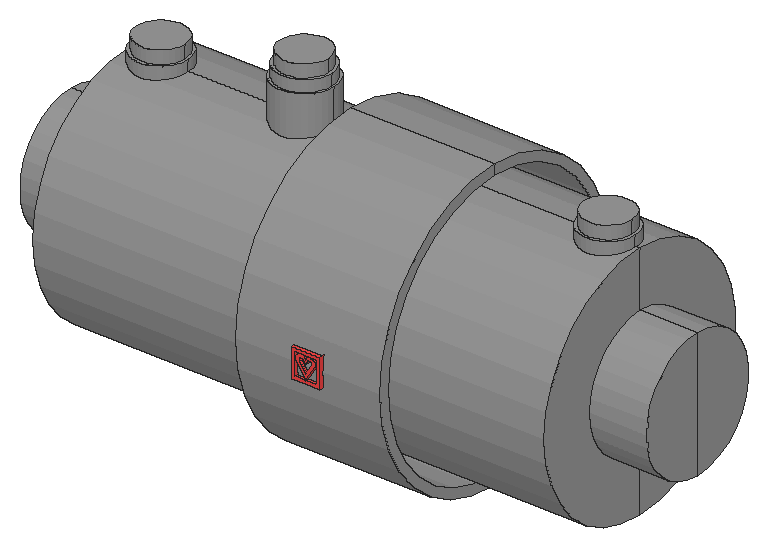
Revit family "HERZ System Separator 0307 AG-AG", category Rohrzubehör, Revit 2020
Family settings
  Bemaßung runder Anschluss = Durchmesser verwenden
  Teiletyp = Unterbricht
  OmniClass-Nummer = 23.65.55.14
  OmniClass-Titel = Valves for Liquid Services
  Arbeitsebenenbasiert = Nein
  Immer vertikal = Ja
  Beim Laden mit Abzugskörper schneiden = Nein
  Gemeinsam genutzt = Nein
Parameters (values of type "AG-AG DN40-DN40")
  Vorgabe-Ansicht = 0.000 mm
  URL = "www.herzvalves.com"
  SCTWSEQ = "AW;SBT_TYP_AW=\"104\";2"
  SCTWCODE = "04;12;02"  # constant formula
  S03 = 15.000 mm  # constant formula
  S02 = 45.000 mm  # constant formula
  S01 = 98.000 mm  # constant formula
  Nennweite Ein [instance] = if(AG_AG_DN40_DN40, 40.000 mm, if(AG_AG_DN40_DN50, 40.000 mm, if(AG_AG_DN50_DN40, 50.000 mm, if(AG_AG_DN50_DN50, 50.000 mm, 0.000 mm))))  # 40.000 mm
  Nennweite Aus [instance] = if(AG_AG_DN40_DN40, 40.000 mm, if(AG_AG_DN40_DN50, 50.000 mm, if(AG_AG_DN50_DN40, 40.000 mm, if(AG_AG_DN50_DN50, 50.000 mm, 0.000 mm))))  # 40.000 mm
  Model = "The backflow preventer has been developed in accordance with the standard DIN EN 1717.\r\nAccording to this standard, the water quality is divided up into 5 classes depending on the degree of contamination.\r\nBackflow preventers of type BA provide protection against non-drinking water up to hazard class 4.\r\nThis is the highest hazard class that may be safeguarded with a valve.\r\nSafeguarding a standpipe with a lower form of protection than a system separator of type BA per DIN EN 1717 is no longer reflective of current engineering practice and the operator is therefore liable in the event of damage with such a standpipe.\r\nThe functional unit is designed as a single-piece cartridge with large-dimension control piston and pressure surge-damped discharge valve system.\r\nThreaded connections are mutually interchangeable, whereby 16 possible connection variants exist (intake and outlet side available in 1 1/2\" inner or outer thread, alternatively in 2\" inner or outer thread)."
  Medium = "Water (without steam)"  # constant formula
  Max. permissible temperature (short-term) = 80 °C  # constant formula
  Max. operating temperature = 65 °C  # constant formula
  Max. operating pressure = 1000000.0 Pa  # constant formula
  L05 = 73.000 mm  # constant formula
  L04 = 28.000 mm  # constant formula
  L03 = 87.500 mm  # constant formula
  L02 = 18.000 mm  # constant formula
  L01 = 196.000 mm  # constant formula
  Installation position = "Horizontal or perpendicular pointing downwards"  # constant formula
  Note = "Pursuant to Article 33 of the REACH Regulation (EC No. 1907/2006), we are obliged to point out that the material lead is listed on the SVHC list and that all brass components manufactured in our products exceed 0.1% (w / w) lead (CAS: 7439-92-1 / EINECS: 231-100-4).\r\nSince lead is a component part of an alloy, actual exposure is not possible and therefore no additional information on safe use is necessary."
  Hersteller = "HERZ Armaturen Ges.m.b.H."  # constant formula
  D02 = 45.000 mm  # constant formula
  D01 = 37.500 mm  # constant formula
  Body = "stainless steel"  # constant formula
  Part number [instance] = if(AG_AG_DN40_DN40, "I030703", if(AG_AG_DN40_DN50, "I030711", if(AG_AG_DN50_DN40, "I030715", if(AG_AG_DN50_DN50, "I030707", "0"))))  # "I030703"
  Application = "The backflow preventer is an economical solution for retrofitting to standpipes that are required to have a mandatory safety valve according to DIN EN 1717 for preventing the back-suction, back-flowing or back-pressuring of non-drinking water into the drinking water line.\r\nThe backflow preventer is suitable for horizontal installation.\r\nIt can also be fitted perpendicular, although only pointing downwards.\r\nIt is not approved for installation in a riser."
  AG_AG_DN50_DN50 = no
  AG_AG_DN50_DN40 = no
  AG_AG_DN40_DN50 = no
  AG_AG_DN40_DN40 = yes
  AG Aus [instance] = Nennweite Aus / 2  # 20.000 mm
  AG Ein [instance] = Nennweite Ein / 2  # 20.000 mm
Types (5, lengths in mm): name | Nennweite Ein | Nennweite Aus | Model | Part number | AG_AG_DN50_DN50 | AG_AG_DN50_DN40 | AG_AG_DN40_DN50 | AG_AG_DN40_DN40 | AG Aus | AG Ein
  (no name) | 40.000 | 40.000 | "The backflow preventer has been developed in accordance with the standard DIN EN 1717.\r\nAccording to this standard, the water quality is divided up into 5 classes depending on the degree of contamination.\r\nBackflow preventers of type BA provide protection against non-drinking water up to hazard class 4.\r\nThis is the highest hazard class that may be safeguarded with a valve.\r\nSafeguarding a standpipe with a lower form of protection than a system separator of type BA per DIN EN 1717 is no longer reflective of current engineering practice and the operator is therefore liable in the event of damage with such a standpipe.\r\nThe functional unit is designed as a single-piece cartridge with large-dimension control piston and pressure surge-damped discharge valve system.\r\nThreaded connections are mutually interchangeable, whereby 16 possible connection variants exist (intake and outlet side available in 1 1/2\" inner or outer thread, alternatively in 2\" inner or outer thread)." | "I030703" | no | no | no | yes | 20.000 | 20.000
  AG-AG DN40-DN50 | 40.000 | 50.000 | "The backflow preventer has been developed in accordance with the standard DIN EN 1717.\r\nAccording to this standard, the water quality is divided up into 5 classes depending on the degree of contamination.\r\nBackflow preventers of type BA provide protection against non-drinking water up to hazard class 4.\r\nThis is the highest hazard class that may be safeguarded with a valve.\r\nSafeguarding a standpipe with a lower form of protection than a system separator of type BA per DIN EN 1717 is no longer reflective of current engineering practice and the operator is therefore liable in the event of damage with such a standpipe.\r\n\r\nThe functional unit is designed as a single-piece cartridge with large-dimension control piston and pressure surge-damped discharge valve system.\r\nThreaded connections are mutually interchangeable, whereby 16 possible connection variants exist (intake and outlet side available in 1 1/2\" inner or outer thread, alternatively in 2\" inner or outer thread)." | "I030711" | no | no | yes | no | 25.000 | 20.000
  AG-AG DN40-DN40 | 40.000 | 40.000 | "The backflow preventer has been developed in accordance with the standard DIN EN 1717.\r\nAccording to this standard, the water quality is divided up into 5 classes depending on the degree of contamination.\r\nBackflow preventers of type BA provide protection against non-drinking water up to hazard class 4.\r\nThis is the highest hazard class that may be safeguarded with a valve.\r\nSafeguarding a standpipe with a lower form of protection than a system separator of type BA per DIN EN 1717 is no longer reflective of current engineering practice and the operator is therefore liable in the event of damage with such a standpipe.\r\nThe functional unit is designed as a single-piece cartridge with large-dimension control piston and pressure surge-damped discharge valve system.\r\nThreaded connections are mutually interchangeable, whereby 16 possible connection variants exist (intake and outlet side available in 1 1/2\" inner or outer thread, alternatively in 2\" inner or outer thread)." | "I030703" | no | no | no | yes | 20.000 | 20.000
  AG-AG DN50-DN50 | 50.000 | 50.000 | "The backflow preventer has been developed in accordance with the standard DIN EN 1717.\r\nAccording to this standard, the water quality is divided up into 5 classes depending on the degree of contamination.\r\nBackflow preventers of type BA provide protection against non-drinking water up to hazard class 4.\r\nThis is the highest hazard class that may be safeguarded with a valve.\r\nSafeguarding a standpipe with a lower form of protection than a system separator of type BA per DIN EN 1717 is no longer reflective of current engineering practice and the operator is therefore liable in the event of damage with such a standpipe.\r\n\r\nThe functional unit is designed as a single-piece cartridge with large-dimension control piston and pressure surge-damped discharge valve system.\r\nThreaded connections are mutually interchangeable, whereby 16 possible connection variants exist (intake and outlet side available in 1 1/2\" inner or outer thread, alternatively in 2\" inner or outer thread)." | "I030707" | yes | no | no | no | 25.000 | 25.000
  AG-AG DN50-DN40 | 50.000 | 40.000 | "The backflow preventer has been developed in accordance with the standard DIN EN 1717.\r\nAccording to this standard, the water quality is divided up into 5 classes depending on the degree of contamination.\r\nBackflow preventers of type BA provide protection against non-drinking water up to hazard class 4.\r\nThis is the highest hazard class that may be safeguarded with a valve.\r\nSafeguarding a standpipe with a lower form of protection than a system separator of type BA per DIN EN 1717 is no longer reflective of current engineering practice and the operator is therefore liable in the event of damage with such a standpipe.\r\n\r\nThe functional unit is designed as a single-piece cartridge with large-dimension control piston and pressure surge-damped discharge valve system.\r\nThreaded connections are mutually interchangeable, whereby 16 possible connection variants exist (intake and outlet side available in 1 1/2\" inner or outer thread, alternatively in 2\" inner or outer thread)." | "I030715" | no | yes | no | no | 20.000 | 25.000
Reference planes
  plane 1 "Mitte (Vorne/hinten)": y = 0
  plane 2: z = 0
  plane 3 "Mitte (Links/rechts)": x = 0
Forms (mm)
  Revolve 1, solid, material "Messing, weicher Gelbton, geschweißt", detail levels fine
    sketch origin (0, 0, 0) x (1, 0, 0) y (0, 0, 1)
      loop
        line (-98, 0) -> (98, 0) -> (98, 20) -> (80, 20) -> (80, 37.5) -> (-80, 37.5) -> (-80, 20) -> (-98, 20) -> (-98, 0)
      axis (-98, 0) -> (98, 0)
    angle from 0 to 360
  Revolve 2, solid, material "Acetalharz, Schwarz", detail levels fine
    sketch origin (0, 0, 0) x (1, 0, 0) y (0, 0, 1)
      loop
        line (-10.5, 0) -> (1.5, 0) -> (1.5, 42) -> (34.5, 42) -> (34.5, 45) -> (-10.5, 45) -> (-10.5, 0)
      axis (-10.5, 0) -> (34.5, 0)
    angle from 0 to 360
  Extrusion 3, solid, material "Messing, weicher Gelbton, geschweißt", detail levels fine
    sketch origin (0, 0, 0) x (1, 0, 0) y (0, 1, 0)
      loop
        circle (-70, 0) r 8.5
      loop
        circle (70, 0) r 8.5
    from 0 to 40.5
  Extrusion 4, solid, material "Acetalharz, Schwarz", detail levels fine
    sketch origin (0, 0, 0) x (1, 0, 0) y (0, 1, 0)
      loop
        circle (-70, 0) r 7.5
      loop
        circle (70, 0) r 7.5
    from 40.5 to 44.5
  Extrusion 5, solid, material "Messing, weicher Gelbton, geschweißt", detail levels fine
    sketch origin (0, 0, 0) x (1, 0, 0) y (0, 1, 0)
      loop
        circle (-25, 0) r 9.3
    from 0 to 49
  Extrusion 6, solid, material "Messing, weicher Gelbton, geschweißt", detail levels fine
    sketch origin (0, 0, 0) x (1, 0, 0) y (0, 1, 0)
      loop
        circle (-25, 0) r 8.5
    from 49 to 52.5
  Extrusion 7, solid, material "Acetalharz, Schwarz", visible <- "AG_AG_DN40_DN50", detail levels fine
    sketch origin (0, 0, 0) x (1, 0, 0) y (0, 1, 0)
      loop
        circle (-25, 0) r 7.5
    from 52.5 to 56.5
  Extrusion 8, solid, material "Acetalharz, Schwarz", visible <- "AG_AG_DN40_DN40", detail levels fine
    sketch origin (0, 0, 0) x (1, 0, 0) y (0, 1, 0)
      loop
        circle (-25, 0) r 7.5
    from 52.5 to 56.4
  Extrusion 9, solid, material "Acetalharz, Schwarz", visible <- "AG_AG_DN50_DN50", detail levels fine
    sketch origin (0, 0, 0) x (1, 0, 0) y (0, 1, 0)
      loop
        circle (-25, 0) r 7.5
    from 52.5 to 56.3
  Extrusion 10, solid, material "Acetalharz, Schwarz", visible <- "AG_AG_DN50_DN40", detail levels fine
    sketch origin (0, 0, 0) x (1, 0, 0) y (0, 1, 0)
      loop
        circle (-25, 0) r 7.5
    from 52.5 to 56.2
Lines and regions (mm)
  model lines, detail levels coarse+medium
    curve 1: line (-98, 0, 37.5) -> (98, 0, 37.5)
    curve 2: line (-98, 0, -37.5) -> (-98, 0, 37.5)
    curve 3: line (98, 0, -37.5) -> (-98, 0, -37.5)
    curve 4: line (98, 0, 37.5) -> (98, 0, -37.5)
    curve 5: line (-98, 0, -22.5) -> (-53, 0, -22.5)
    curve 6: line (0, 0, -22.5) -> (98, 0, -22.5)
    curve 7: line (-98, 0, 22.5) -> (-53, 0, 22.5)
    curve 8: line (0, 0, 22.5) -> (98, 0, 22.5)
    curve 9: line (-98, 37.5, 0) -> (98, 37.5, 0)
    curve 10: line (-98, -37.5, 0) -> (-98, 37.5, 0)
    curve 11: line (98, -37.5, 0) -> (-98, -37.5, 0)
    curve 12: line (98, 37.5, 0) -> (98, -37.5, 0)
    curve 13: line (-98, 22.5, 0) -> (-53, 22.5, 0)
    curve 14: line (0, 22.5, 0) -> (98, 22.5, 0)
    curve 15: line (-98, -22.5, 0) -> (-53, -22.5, 0)
    curve 16: line (0, -22.5, 0) -> (98, -22.5, 0)
Dimensions and locks
  "L02": Revolve 1 sketch curve to Revolve 1 sketch curve  (x2)
  "L01": Revolve 1 sketch curve to Revolve 1 sketch curve
  equal spacing: Revolve 1 sketch curve, plane 3 "Mitte (Links/rechts)", Revolve 1 sketch curve
  "AG Ein": Revolve 1 sketch curve to plane 2
  "AG Aus": Revolve 1 sketch curve to plane 2
  "D01": Revolve 1 sketch curve to plane 2
  "L03": Revolve 1 to Revolve 2 sketch curve
  equal spacing: curve 4, plane 3 "Mitte (Links/rechts)", curve 2
  "L01": curve 4 to curve 2
  "D01": curve 1 to plane 2 to curve 3
  "S03": curve 5 to curve 3
  "S03": curve 1 to curve 7
  "S03": curve 1 to curve 8
  "S03": curve 6 to curve 3
  "S02": curve 5 to curve 2
  "S02": curve 7 to curve 2
  "S01": curve 8 to curve 4
  "S01": curve 6 to curve 4
  equal spacing: curve 10, plane 3 "Mitte (Links/rechts)", curve 12
  "L01": curve 10 to curve 12
  "D01": curve 11 to plane 1 "Mitte (Vorne/hinten)" to curve 9
  "S03": curve 13 to curve 9
  "S03": curve 11 to curve 15
  "S03": curve 14 to curve 9
  "S03": curve 11 to curve 16
  "S01": curve 14 to curve 12
  "S01": curve 16 to curve 12
  "S02": curve 10 to curve 15
  "S02": curve 10 to curve 13
  "D02": Revolve 2 sketch curve to Revolve 2 sketch curve
  equal spacing: Revolve 2, nested 1, Revolve 2
  "D02": nested 1 to plane 1 "Mitte (Vorne/hinten)"
  "L04": Revolve 1 to Extrusion 3 sketch curve
  "L04": Extrusion 3 sketch curve to Revolve 1
  "L04": Extrusion 4 sketch curve to Revolve 1
  "L04": Revolve 1 to Extrusion 4 sketch curve
  "L05": Revolve 1 to Extrusion 5 sketch curve
  "L05": Revolve 1 to Extrusion 6 sketch curve
  "L05": Revolve 1 to Extrusion 10 sketch curve
  "L05": Revolve 1 to Extrusion 9 sketch curve
  "L05": Revolve 1 to Extrusion 8 sketch curve
  "L05": Revolve 1 to Extrusion 7 sketch curve
  aligned and locked: level to plane 2
Automatic sketch dimensions
  Revolve 1 sketch curve to level = 0.000 mm  (x2)
  Revolve 1 sketch curve to Revolve 1 sketch curve = 1408.530 mm
  Revolve 1 sketch curve to Revolve 1 sketch curve = 1741.148 mm
  Revolve 2 sketch curve to level = 0.000 mm  (x2)
  plane 3 "Mitte (Links/rechts)" to Revolve 2 sketch curve = 1.500 mm
  Revolve 2 sketch curve to Revolve 2 sketch curve = 33.000 mm
  Revolve 2 sketch curve to Revolve 2 sketch curve = 3.000 mm
  Revolve 2 sketch curve to Revolve 2 sketch curve = 1496.030 mm
  Revolve 2 sketch curve to Revolve 2 sketch curve = 1804.648 mm
  plane 1 "Mitte (Vorne/hinten)" to Extrusion 3 sketch curve = 0.000 mm  (x2)
  plane 1 "Mitte (Vorne/hinten)" to Extrusion 4 sketch curve = 0.000 mm  (x2)
  plane 1 "Mitte (Vorne/hinten)" to Extrusion 5 sketch curve = 0.000 mm
  plane 1 "Mitte (Vorne/hinten)" to Extrusion 6 sketch curve = 0.000 mm
  plane 1 "Mitte (Vorne/hinten)" to Extrusion 7 sketch curve = 0.000 mm
  plane 1 "Mitte (Vorne/hinten)" to Extrusion 8 sketch curve = 0.000 mm
  plane 1 "Mitte (Vorne/hinten)" to Extrusion 9 sketch curve = 0.000 mm
  plane 1 "Mitte (Vorne/hinten)" to Extrusion 10 sketch curve = 0.000 mm
  radius of Extrusion 3 sketch curve = 8.500 mm  (x2)
  radius of Extrusion 4 sketch curve = 7.500 mm  (x2)
  radius of Extrusion 5 sketch curve = 9.300 mm
  radius of Extrusion 6 sketch curve = 8.500 mm
  radius of Extrusion 7 sketch curve = 7.500 mm
  radius of Extrusion 8 sketch curve = 7.500 mm
  radius of Extrusion 9 sketch curve = 7.500 mm
  radius of Extrusion 10 sketch curve = 7.500 mm
Nested families
  nested 1: "Herz-Logo-vorne" at (12, -45, 0) x (0, 1, 0) z (0, 0, 1), type "Herz-Logo-vorne", detail levels fine
Connectors
  piping at (-98, 0, 0), diameter 40, driven by "Nennweite Ein"
    settings: on Revolve 1, index 2, connector inside diameter 609.6 mm, connector length 0.000 mm, flow factor 0, pipe flow 0.0 L/s, pressure drop 0.0 Pa, fitting loss kfactor 0, connector angle 0.00°, fixture units 0, engagement length 0.000 mm, angle of deflection 0.00°, flow configuration 0, flow direction 1, fitting loss method 0, system type 29, joint type 0, gender type 0, connector reference index -1, connector utility 0, adjustable connector no, is connector primary yes, connector description ""
  piping at (98, 0, 0), diameter 40, driven by "Nennweite Aus"
    settings: on Revolve 1, index 3, connector inside diameter 609.6 mm, connector length 0.000 mm, flow factor 0, pipe flow 0.0 L/s, pressure drop 0.0 Pa, fitting loss kfactor 0, connector angle 0.00°, fixture units 0, engagement length 0.000 mm, angle of deflection 0.00°, flow configuration 0, flow direction 2, fitting loss method 0, system type 29, joint type 0, gender type 0, connector reference index -1, connector utility 0, adjustable connector no, is connector primary no, connector description ""
Definition of nested family "Herz-Logo-vorne"
  Parameters (values of type "Herz-Logo-vorne")
    Default Elevation = 0.000 mm
  Reference planes
    plane 1 "Mitte (Vorne/hinten)": y = 0
    plane 2: z = 0
    plane 3 "Mitte (Links/rechts)": x = 0
  Forms (mm)
    Extrusion 1, solid
      sketch origin (0.732, -0.018, 0.017) x (0, -1, 0) y (0, 0, 1)
        loop
          line (-0.018, -4.517) -> (4.482, -4.517) -> (4.482, 4.483) -> (-4.518, 4.483) -> (-4.518, -4.517) -> (-0.018, -4.517)
        loop
          line (-0.05, -3.48) -> (3.482, -3.48) -> (3.482, 3.483) -> (-3.518, 3.483) -> (-3.518, -3.48) -> (-0.05, -3.48)
        loop
          arc (-0.018, 2.383) -> (-1.543, 3.287) -> (-3.067, 2.383) r 1.738
          arc (-3.067, 2.383) -> (-3.191, 1.899) -> (-3.067, 1.415) r 1.009
          line (-3.067, 1.415) -> (-0.018, -3.281) -> (3.032, 1.415)
          arc (3.032, 1.415) -> (3.156, 1.899) -> (3.032, 2.383) r 1.009
          arc (3.032, 2.383) -> (1.507, 3.287) -> (-0.018, 2.383) r 1.738
        loop
          arc (1.885, 1.272) -> (2.005, 1.675) -> (1.885, 2.079) r 0.74
          arc (1.885, 2.079) -> (1.265, 2.416) -> (0.644, 2.079) r 0.74
          line (0.644, 2.079) -> (-0.018, 0.97) -> (-0.679, 2.079)
          arc (-0.679, 2.079) -> (-1.3, 2.416) -> (-1.921, 2.079) r 0.74
          arc (-1.921, 2.079) -> (-2.04, 1.675) -> (-1.921, 1.272) r 0.74
          line (-1.921, 1.272) -> (-0.018, -1.658) -> (1.885, 1.272)
      from 0 to 1.5
  Dimensions and locks
    aligned and locked: level to plane 2
